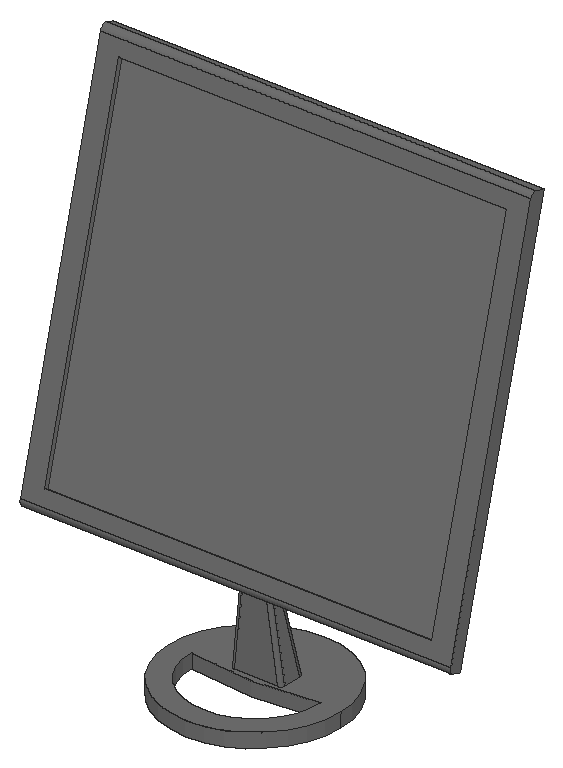
Revit family
Parameters (values of type "Desktop")
  Unit = wood
  Width = 2' - 6"
  System Screen = Glass Plain
  System Frame = Gray
  Subcategory = "Electronics"
  SmartBIM Object Version = 3  # constant formula
  SmartBIM Object Created By = "SMARTBIM, LLC"  # "Reed Construction Data"
  Manufacturer = ""
  Height = 2' - 0"
  Metal Alluminum = Metal Aluminum
  Rod Height = 0' - 6"
  Leg material = Metal Aluminum
  Default Elevation = 0' - 0"  # constant formula
  Assembly Code = "E2020200"
  95 CSI = "12510"  # constant formula
  04 CSI = "12 51 00"  # constant formula
Reference planes (in)
  plane 1: z = 0
Dimensions and locks (in)
  aligned: nested 1 to level
Nested families (in)
  nested 1: "Monitor_Computer-LCD_Tectonic" at (-14.54319, 13.54319, 0), type "Monitor_Computer-LCD_Tectonic"
Definition of nested family "Monitor_Computer-LCD_Tectonic"
  Parameters (values of type "Monitor_Computer-LCD_Tectonic")
    Width = 1' - 3"
    System Material = Gray
    Screen = none
    Plastic = Gray
    Assembly Code = ""
  Reference planes (in)
    plane 1 "Center (Front/Back)": y = -0.54319
    plane 2: z = 0
    plane 3 "Center (Left/Right)": x = -0.45681
    plane 4: y = 8.45681
    plane 5: y = -9.54319
    plane 6: x = -7.95681
    plane 7: x = 7.04319
    plane 8 "Top": z = 24
    plane 9 "Top of Monitor Base": z = 0.5
    plane 10: y = -0.48069
    plane 11: x = -1.33756
    plane 12: x = 0.42394
    plane 13: z = 3.5
    plane 14: x = -7.20681
    plane 15: x = 6.29319
  Forms (in)
    Extrusion 1, solid, material "Gray" <- "Plastic"
      sketch origin (0, -3.31673, 0) x (1, 0, 0) y (0, 1, 0)
        loop
          circle (-0.45681, -0.54319) r 3
        loop
          arc (1.79232, -0.48069) -> (-0.45681, -0.68376) -> (-2.70594, -0.48069) r 12.55698
          arc (-2.70594, -0.48069) -> (-0.45681, -2.79319) -> (1.79232, -0.48069) r 2.25
      from 0 to 0.5
    Extrusion 2, solid, material "Gray" <- "System Material"
      sketch origin (-0.45681, 0, 0) x (0, 1, 0) y (0, 0, 1)
        loop
          line (-0.66402, 17.02599) -> (-0.93949, 17.0998)
          arc (-0.93949, 17.0998) -> (-1.10249, 17.07834) -> (-1.20258, 16.94791) r 0.21481
          line (-1.20258, 16.94791) -> (-4.71485, 3.83993)
          arc (-4.71485, 3.83993) -> (-4.69339, 3.67693) -> (-4.56296, 3.57684) r 0.21481
          line (-4.56296, 3.57684) -> (-4.28748, 3.50303) -> (-0.66402, 17.02599)
      from -7.5 to 7.5
    Blend 3, solid, material "Gray" <- "Plastic"
      base sketch origin (-45.91141, -183.31673, 0.5) x (-1, 0, 0) y (0, -1, 0)
        loop
          line (-44.69885, -179.51931) -> (-46.21035, -179.51931)
          arc (-46.21035, -179.51931) -> (-46.29874, -179.55592) -> (-46.33535, -179.64431) r 0.125
          line (-46.33535, -179.64431) -> (-46.33535, -180.31101)
          arc (-46.33535, -180.31101) -> (-46.29874, -180.3994) -> (-46.21035, -180.43601) r 0.125
          line (-46.21035, -180.43601) -> (-44.69885, -180.43601)
          arc (-44.69885, -180.43601) -> (-44.61046, -180.3994) -> (-44.57385, -180.31101) r 0.125
          line (-44.57385, -180.31101) -> (-44.57385, -179.64431)
          arc (-44.57385, -179.64431) -> (-44.61046, -179.55592) -> (-44.69885, -179.51931) r 0.125
      top sketch origin (-45.91141, -183.31673, 0.5) x (-1, 0, 0) y (0, -1, 0)
        loop
          line (-45.24159, -179.34311) -> (-45.66761, -179.34311)
          arc (-45.66761, -179.34311) -> (-45.756, -179.37972) -> (-45.79261, -179.46811) r 0.125
          line (-45.79261, -179.46811) -> (-45.79261, -179.54749)
          arc (-45.79261, -179.54749) -> (-45.756, -179.63588) -> (-45.66761, -179.67249) r 0.125
          line (-45.66761, -179.67249) -> (-45.24159, -179.67249)
          arc (-45.24159, -179.67249) -> (-45.1532, -179.63588) -> (-45.11659, -179.54749) r 0.125
          line (-45.11659, -179.54749) -> (-45.11659, -179.46811)
          arc (-45.11659, -179.46811) -> (-45.1532, -179.37972) -> (-45.24159, -179.34311) r 0.125
      from 0 to 4.5
    Extrusion 4, void
      sketch origin (-7.95681, 37.71032, 48) x (0, -1, 0) y (0, 0, 1)
        loop
          line (39.19454, -31.53069) -> (38.94952, -31.59635) -> (42.18476, -43.67042) -> (42.42978, -43.60476) -> (39.19454, -31.53069)
      from -0.75 to -14.25
    Extrusion 5, solid, material <- "Screen"
      sketch origin (-0.45681, 0.71959, 24.12154) x (0, 0.258819, 0.965926) y (-1, 0, 0)
        loop
          line (-7.96188, 6.75) -> (-20.46188, 6.75) -> (-20.46188, -6.75) -> (-7.96188, -6.75) -> (-7.96188, 6.75)
      from 0 to -0.10549
  Cuts and joins
    Extrusion 4 cuts Extrusion 2
  Lines and regions (in)
    reference lines
      curve 1: line (-0.45681, 1.20256, 23.99213) -> (-0.45681, -4.49146, 2.74177)
  Dimensions and locks (in)
    equal spacing: plane 6, plane 3 "Center (Left/Right)", plane 7
    equal spacing: plane 4, plane 1 "Center (Front/Back)", plane 5
    locked: plane 4 to plane 5 at 18
    "Width": plane 6 to plane 7
    locked: plane 8 "Top" to plane 2 at 24
    locked: plane 9 "Top of Monitor Base" to level at 0.5
    Extrusion 2 sketch curve to Extrusion 2 sketch curve = 1' - 2"
    locked: plane 13 to level at 3.5
    locked: curve 1 to level (angle 75.00°)
    aligned and locked: plane 9 "Top of Monitor Base" to Extrusion 1
    aligned and locked: curve 1 to Extrusion 2 sketch curve
    aligned and locked: plane 7 to Extrusion 2
    aligned and locked: Extrusion 2 to plane 6
    aligned and locked: Extrusion 4 to plane 15
    aligned and locked: Extrusion 4 to plane 14
    aligned and locked: Extrusion 1 to level
    aligned and locked: Extrusion 5 sketch curve to cut or joined group of Extrusion 2, Extrusion 4  (x3)
    aligned and locked: cut or joined group of Extrusion 2, Extrusion 4 to Extrusion 5 sketch curve
    aligned and locked: Extrusion 5 to cut or joined group of Extrusion 2, Extrusion 4
  Automatic sketch dimensions
    curve 1 to plane 1 "Center (Front/Back)" = 0' - 1.74575"
    plane 9 "Top of Monitor Base" to curve 1 = 0' - 2.24177"
    Blend 3 sketch curve to plane 12 = 0' - 0"
    Blend 3 sketch curve to plane 10 = 0' - 3.31673"
    Blend 3 sketch curve to plane 11 = 0' - 0"
    Blend 3 sketch curve to plane 12 = 0' - 0 1/8"  (x2)
    Blend 3 sketch curve to plane 11 = 0' - 0 1/8"  (x2)
    Blend 3 sketch curve to Blend 3 sketch curve = 0' - 0.66671"
    plane 3 "Center (Left/Right)" to Blend 3 sketch curve = 0' - 0.33801"
    plane 1 "Center (Front/Back)" to Blend 3 sketch curve = 0' - 3.30544"  (x2)
    Blend 3 sketch curve to Blend 3 sketch curve = 0' - 0 1/8"  (x2)
    Blend 3 sketch curve to plane 10 = 0' - 3.28855"
    Blend 3 sketch curve to Blend 3 sketch curve = 0' - 0"
    Blend 3 sketch curve to plane 3 "Center (Left/Right)" = 0' - 0.21301"
    plane 1 "Center (Front/Back)" to Extrusion 2 sketch curve = 0' - 4.17166"
    plane 13 to Extrusion 2 sketch curve = 0' - 0.07684"
    Extrusion 2 sketch curve to Extrusion 2 sketch curve = 0' - 0.0556"  (x2)
    Extrusion 2 sketch curve to Extrusion 2 sketch curve = 0' - 0.53856"
    Extrusion 2 sketch curve to Extrusion 2 sketch curve = 0' - 0.20749"  (x3)
    Extrusion 2 sketch curve to Extrusion 2 sketch curve = 0' - 0.15189"
    plane 1 "Center (Front/Back)" to Extrusion 4 sketch curve = 0' - 0.69601"
    Extrusion 4 sketch curve to Extrusion 4 sketch curve = 0' - 0.24502"
    plane 13 to Extrusion 4 sketch curve = 0' - 0.82958"
    plane 1 "Center (Front/Back)" to Extrusion 4 sketch curve = 0' - 3.93125"
    Extrusion 4 sketch curve to Extrusion 4 sketch curve = 0' - 0.06565"
    Extrusion 1 sketch curve to Extrusion 1 sketch curve = 0' - 0"  (x2)
    Extrusion 1 sketch curve to plane 3 "Center (Left/Right)" = 0' - 0"  (x2)
    plane 11 to Extrusion 1 sketch curve = 0' - 1.36838"
    plane 1 "Center (Front/Back)" to Extrusion 1 sketch curve = 0' - 3.31673"
    plane 4 to Extrusion 1 sketch curve = 0' - 0.09968"
    Extrusion 1 sketch curve to Extrusion 1 sketch curve = 0' - 0 1/16"
    radius of Extrusion 1 sketch curve = 0' - 3"
